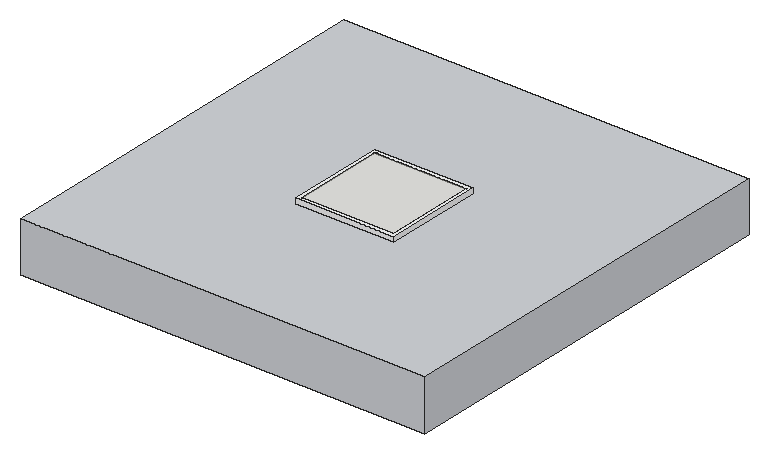
Revit family "IRO", category Luminaires, Revit 2021
Family settings
  Hôte = Face
  Cote de connecteur circulaire = Utiliser le diamètre
  Type d'élément = Normal
  Numéro OmniClass = 23.80.70.11.17
  Titre OmniClass = Specialized Lighting by Location or Use
  Couper avec des vides une fois chargée = Oui
  Source d'éclairage = Oui
  Partagée = Oui
  Point de calcul de pièce = Oui
Parameters (values of type "621441")
  Épaisseur 2 = 2 mm
  Épaisseur = 30 mm
  URL = "https://www.resistex-sa.com/fr/iro-4125lm-bl-3000k-847.html"
  Tension = 230 V  # constant formula
  built-in parameter 1150107 = 3000 (stored number, unit not read)
  Wattage = 28.9 W
  built-in parameter 1150110 = 1 (stored number, unit not read)
  built-in parameter 1150109 = 1 (stored number, unit not read)
  built-in parameter 1114218 = 1 (stored number, unit not read)
  built-in parameter 1150113 = 1 (stored number, unit not read)
  built-in parameter 1150112 = 1 (stored number, unit not read)
  Nombre pôles = 1  # constant formula
  built-in parameter 1150137 = (empty or 0)
  built-in parameter 1150132 = (empty or 0)
  Modèle = "Iro"  # constant formula
  Matériau diffuseur = PC Transparent
  Matériau corps = Alu blanc
  Longueur 2 = 551 mm
  Longueur = 595 mm
  Largeur 2 = 551 mm
  Largeur = 595 mm
  built-in parameter 1150105 = 328.87 (stored number, unit not read)
  built-in parameter 1150102 = (empty or 0)
  Indice de charge = Eclairage
  Image du type = <Aucun>
  IP = "40"
  IK = "04"
  Gradation des changements de température de couleur de lampe = <Aucun>
  Garantie = "5 ans"
  Lumens = 4132.7 lm
  Color Filter = 16777215
  Fichier de distribution photométrique = "621441.ies"
  built-in parameter 1114217 = 1 (stored number, unit not read)
  built-in parameter 1150139 = (empty or 0)
  Fabricant = "Résistex"  # constant formula
  Emit from Rectangle Length = 1219.2 mm
  Emit from Rectangle Width = 609.6 mm
  Emit Shape Visible in Rendering = no
  Default Elevation = 0 mm
  built-in parameter 1150104 = 13.285 (stored number, unit not read)
  built-in parameter 1150106 = 3.2887 (stored number, unit not read)
  built-in parameter 1150115 = 1 (stored number, unit not read)
  built-in parameter 1150114 = 1 (stored number, unit not read)
  Distance bord corps = Épaisseur - Épaisseur 2  # 28 mm
  Description = "Encastré tertiaire équipé d'une platine LED SMD, efficacité lumineuse de 143lm/W"
  Coût = 57.5
  built-in parameter 1150138 = (empty or 0)
  built-in parameter 1150134 = (empty or 0)
  Commentaires relatifs à la puissance = "28.9W"
  Apparent Load = 29.49 VA
  Tilt Angle = 60.00°
  built-in parameter 1150133 = 10 (stored number, unit not read)
Types (15, lengths in mm): name | Épaisseur | URL | built-in parameter 1150107 | Wattage | Longueur 2 | Longueur | Largeur 2 | Largeur | built-in parameter 1150105 | IP | IK | Lumens | Fichier de distribution photométrique | built-in parameter 1150104 | built-in parameter 1150106 | Distance bord corps | Description | Coût | built-in parameter 1150134 | Commentaires relatifs à la puissance | Apparent Load
  (no name) | 30 | "https://www.resistex-sa.com/fr/iro-4125lm-bl-3000k-847.html" | 3000 (stored number, unit not read) | 28.9 W | 551 | 595 | 551 | 595 | 328.87 (stored number, unit not read) | "40" | "04" | 4132.7 lm | "621441.ies" | 13.285 (stored number, unit not read) | 3.2887 (stored number, unit not read) | 28 | "Encastré tertiaire équipé d'une platine LED SMD, efficacité lumineuse de 143lm/W" | 57.5 | (empty or 0) | "28.9W" | 29.49 VA
  621441 | 30 | "https://www.resistex-sa.com/fr/iro-4125lm-bl-3000k-847.html" | 3000 (stored number, unit not read) | 28.9 W | 551 | 595 | 551 | 595 | 328.87 (stored number, unit not read) | "40" | "04" | 4132.7 lm | "621441.ies" | 13.285 (stored number, unit not read) | 3.2887 (stored number, unit not read) | 28 | "Encastré tertiaire équipé d'une platine LED SMD, efficacité lumineuse de 143lm/W" | 57.5 | (empty or 0) | "28.9W" | 29.49 VA
  621442 | 30 | "https://www.resistex-sa.com/fr/iro-4219lm-bl-4000k-848.html" | 4000 (stored number, unit not read) | 28.5 W | 551 | 595 | 551 | 595 | 335.66 (stored number, unit not read) | "40" | "04" | 4218 lm | "621442.ies" | 13.75 (stored number, unit not read) | 3.3566 (stored number, unit not read) | 28 | "Encastré tertiaire équipé d'une platine LED SMD, efficacité lumineuse de 148lm/W" | 57.5 | 12 | "28.5W" | 29.08 VA
  621443 | 30 | "https://www.resistex-sa.com/fr/iro-4125lm-dali-bl-3000k-875.html" | 3000 (stored number, unit not read) | 28.9 W | 551 | 595 | 551 | 595 | 328.87 (stored number, unit not read) | "40" | "04" | 4132.7 lm | "621443.ies" | 13.285 (stored number, unit not read) | 3.2887 (stored number, unit not read) | 28 | "Encastré tertiaire équipé d'une platine LED SMD, efficacité lumineuse de 143lm/W" | 75 | (empty or 0) | "28.9W" | 29.49 VA
  621444 | 30 | "https://www.resistex-sa.com/fr/iro-4219lm-dali-bl-4000k-874.html" | 4000 (stored number, unit not read) | 28.5 W | 551 | 595 | 551 | 595 | 335.66 (stored number, unit not read) | "40" | "04" | 4218 lm | "621444.ies" | 13.75 (stored number, unit not read) | 3.3566 (stored number, unit not read) | 28 | "Encastré tertiaire équipé d'une platine LED SMD, efficacité lumineuse de 148lm/W" | 75 | 12 | "28.5W" | 29.08 VA
  621456 | 26 | "https://www.resistex-sa.com/fr/iro-nu-tw-4342lm-bl-2700-6000k-1032.html" | 4000 (stored number, unit not read) | 29.9 W | 551 | 595 | 551 | 595 | 345.01 (stored number, unit not read) | "40" | "04" | 4335.5 lm | "621456.ies" | 13.471 (stored number, unit not read) | 3.4501 (stored number, unit not read) | 24 | "Encastré tertiaire équipé d'une platine LED SMD, efficacité lumineuse de 145lm/W" | 62.5 | 12 | "29.9W" | 31.47 VA
  621448 | 30 | "https://www.resistex-sa.com/fr/iro-nu-4240lm-bl-3000k-997.html" | 3000 (stored number, unit not read) | 29.9 W | 233.4 | 295 | 1133.4 | 1195 | 337.87 (stored number, unit not read) | "40" | "04" | 4245.8 lm | "621448.ies" | 13.192 (stored number, unit not read) | 3.3787 (stored number, unit not read) | 28 | "Encastré tertiaire équipé d'une platine LED SMD, efficacité lumineuse de 142lm/W" | 52.5 | (empty or 0) | "29.9W" | 31.47 VA
  621449 | 30 | "https://www.resistex-sa.com/fr/iro-nu-4342lm-bl-4000k-998.html" | 4000 (stored number, unit not read) | 29.9 W | 233.4 | 295 | 1133.4 | 1195 | 345.01 (stored number, unit not read) | "40" | "04" | 4335.5 lm | "621449.ies" | 13.471 (stored number, unit not read) | 3.4501 (stored number, unit not read) | 28 | "Encastré tertiaire équipé d'une platine LED SMD, efficacité lumineuse de 145lm/W" | 52.5 | 12 | "29.9W" | 31.47 VA
  621424 | 30 | "https://www.resistex-sa.com/fr/iro-ajust-3878lm-3000k-1223.html" | 3000 (stored number, unit not read) | 27.6 W | 504.2 | 595 | 504.2 | 595 | 308.59 (stored number, unit not read) | "40" | "04" | 3877.8 lm | "621424.ies" | 13.053 (stored number, unit not read) | 3.0859 (stored number, unit not read) | 28 | "Encastré tertiaire équipé d'une platine LED SMD, efficacité lumineuse de 140.5lm/W" | 125 | (empty or 0) | "27.6W" | 28.16 VA
  621425 | 30 | "https://www.resistex-sa.com/fr/iro-ajust-3901lm-4000k-1224.html" | 4000 (stored number, unit not read) | 27.7 W | 504.2 | 595 | 504.2 | 595 | 310.36 (stored number, unit not read) | "40" | "04" | 3900.16 lm | "621425.ies" | 13.081 (stored number, unit not read) | 3.1036 (stored number, unit not read) | 28 | "Encastré tertiaire équipé d'une platine LED SMD, efficacité lumineuse de 140.8lm/W" | 125 | 12 | "27.7W" | 28.27 VA
  621431 | 30 | "https://www.resistex-sa.com/fr/iro-4219lm-ir-pre-tel-4000k-1149.html" | 4000 (stored number, unit not read) | 29.9 W | 504.2 | 595 | 504.2 | 595 | 352.15 (stored number, unit not read) | "40" | "04" | 4425.2 lm | "621431.ies" | 13.75 (stored number, unit not read) | 3.5215 (stored number, unit not read) | 28 | "Encastré tertiaire équipé d'une platine LED SMD, efficacité lumineuse de 148lm/W" | 142.5 | 12 | "29.9W" | 30.51 VA
  621436 | 30 | "https://www.resistex-sa.com/fr/iro-4125lm-ir-pre-tel-3000k-1150.html" | 3000 (stored number, unit not read) | 28.9 W | 504.2 | 595 | 504.2 | 595 | 328.87 (stored number, unit not read) | "40" | "04" | 4132.7 lm | "621436.ies" | 13.285 (stored number, unit not read) | 3.2887 (stored number, unit not read) | 28 | "Encastré tertiaire équipé d'une platine LED SMD, efficacité lumineuse de 143lm/W" | 142.5 | (empty or 0) | "28.9W" | 29.49 VA
  621432 | 30 | "https://www.resistex-sa.com/fr/iro-4219lm-ir-pre-pil-bt-4000k-1138.html" | 4000 (stored number, unit not read) | 28.5 W | 504.2 | 595 | 504.2 | 595 | 335.66 (stored number, unit not read) | "40" | "04" | 4218 lm | "621432.ies" | 13.75 (stored number, unit not read) | 3.3566 (stored number, unit not read) | 28 | "Encastré tertiaire équipé d'une platine LED SMD, efficacité lumineuse de 148lm/W" | 250 | 12 | "28.5W" | 29.08 VA
  621437 | 30 | "https://www.resistex-sa.com/fr/iro-4125lm-ir-pre-pil-bt-3000k-1151.html" | 3000 (stored number, unit not read) | 28.9 W | 504.2 | 595 | 504.2 | 595 | 328.87 (stored number, unit not read) | "40" | "04" | 4132.7 lm | "621437.ies" | 13.285 (stored number, unit not read) | 3.2887 (stored number, unit not read) | 28 | "Encastré tertiaire équipé d'une platine LED SMD, efficacité lumineuse de 143lm/W" | 250 | (empty or 0) | "28.9W" | 29.49 VA
  621430 | 30 | "https://www.resistex-sa.com/fr/iro-ip65-4210lm-4000k-1148.html" | 4000 (stored number, unit not read) | 29.9 W | 551 | 595 | 551 | 595 | 337.87 (stored number, unit not read) | "65" | "07" | 4245.8 lm | "621430.ies" | 13.192 (stored number, unit not read) | 3.3787 (stored number, unit not read) | 28 | "Encastré tertiaire équipé d'une platine LED SMD, efficacité lumineuse de 142lm/W" | 117.5 | 12 | "29.9W" | 33.22 VA
Reference planes
  plane 1 "Centre (avant/arrière)": y = 0
  plane 2: z = 0
  plane 3 "Centre (gauche/droite)": x = 0
  plane 4 "Surface filin": z = 300
  plane 5 "Fond diffuseur": z = 28
  plane 6: x = -297.5
  plane 7: x = 297.5
  plane 8: y = 297.5
  plane 9: y = -297.5
  plane 10: x = -275.5
  plane 11: x = 275.5
  plane 12: y = 275.5
  plane 13: y = -275.5
Forms (mm)
  Extrusion 1, solid
    sketch origin (0, 0, 0) x (1, 0, 0) y (0, 1, 0)
      loop
        line (-1219.2, 1219.2) -> (-1219.2, -1219.2) -> (1219.2, -1219.2) -> (1219.2, 1219.2) -> (-1219.2, 1219.2)
    from 0 to -304.8
  Extrusion 2, solid, material "Alu blanc" <- "Matériau corps"
    sketch origin (0, 0, 0) x (1, 0, 0) y (0, 1, 0)
      loop
        line (-297.5, 297.5) -> (-297.5, -297.5) -> (297.5, -297.5) -> (297.5, 297.5) -> (-297.5, 297.5)
    from 0 to 30 <- "Épaisseur"
  Extrusion 3, void
    sketch origin (0, 0, 28) x (-1, 0, 0) y (0, -1, 0)
      loop
        line (275.5, -275.5) -> (275.5, 275.5) -> (-275.5, 275.5) -> (-275.5, -275.5) -> (275.5, -275.5)
    from 0 to 2 <- "Épaisseur 2"
  Extrusion 4, solid, material "PC Transparent" <- "Matériau diffuseur"
    sketch origin (0, 0, 28) x (-1, 0, 0) y (0, -1, 0)
      loop
        line (275.5, -275.5) -> (275.5, 275.5) -> (-275.5, 275.5) -> (-275.5, -275.5) -> (275.5, -275.5)
    from 0 to 2 <- "Épaisseur 2"
Cuts and joins
  Extrusion 3 cuts Extrusion 2
Dimensions and locks
  locked: plane 4 "Surface filin" to level at 300
  "Distance bord corps": plane 5 "Fond diffuseur" to level
  equal spacing: plane 6, plane 3 "Centre (gauche/droite)", plane 7
  "Largeur": plane 6 to plane 7
  equal spacing: plane 9, plane 1 "Centre (avant/arrière)", plane 8
  "Longueur": plane 9 to plane 8
  equal spacing: plane 10, plane 3 "Centre (gauche/droite)", plane 11
  "Largeur 2": plane 10 to plane 11
  equal spacing: plane 12, plane 1 "Centre (avant/arrière)", plane 13
  "Longueur 2": plane 12 to plane 13
  aligned and locked: plane 2 to Extrusion 1
  aligned and locked: level to Extrusion 1
  aligned and locked: plane 8 to Extrusion 2 sketch curve
  aligned and locked: plane 6 to Extrusion 2 sketch curve
  aligned and locked: plane 9 to Extrusion 2 sketch curve
  aligned and locked: plane 7 to Extrusion 2 sketch curve
  aligned and locked: Extrusion 3 sketch curve to plane 12
  aligned and locked: plane 10 to Extrusion 3 sketch curve
  aligned and locked: Extrusion 3 sketch curve to plane 13
  aligned and locked: plane 11 to Extrusion 3 sketch curve
  aligned and locked: Extrusion 4 sketch curve to cut or joined group of Extrusion 2, Extrusion 3  (x4)
Automatic sketch dimensions
  Extrusion 1 sketch curve to Extrusion 1 sketch curve = 2438.4 mm  (x2)
Connectors
  electrical at (0, 0, 0), driven by "Nombre pôles", driven by "Indice de charge", driven by "Tension", driven by "Apparent Load"
    settings: on cut or joined group of Extrusion 2, Extrusion 3, index 1, voltage 230 V, apparent load 0 VA, apparent load phase1 29.49 VA, apparent load phase2 0 VA, apparent load phase3 0 VA, power factor 1, load classification "Eclairage", number of poles 1, system type 31, power factor state 1, is connector primary yes, connector utility no, sub classification motor no, connector description ""
